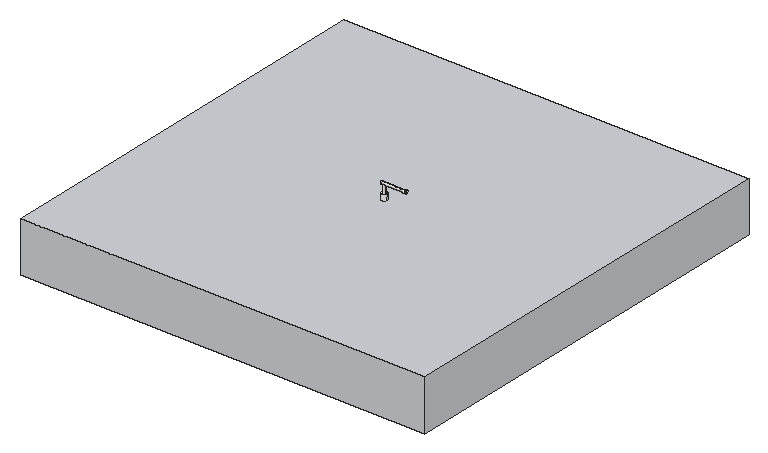
Revit family "Toilet_Paper_Holder-Grohe-ATRIO-40313_Series", category Specialty Equipment, host Face, Revit 2018
Family settings
  Host = Face
  Round Connector Dimension = Use Diameter
  Part Type = Normal
  OmniClass Number = 23.40.20.21.21
  OmniClass Title = Toilet Paper Dispensers
  Cut with Voids When Loaded = No
  Shared = Yes
  Room Calculation Point = No
Parameters (values of type "40313003")
  cUPC Compliant = yes
  Width = 151 mm  # constant formula
  Warranty Documentation Link = "https://cdn.cloud.grohe.com/tpi/1000/1900/1940/1949/1949006/original/1949006.pdf"
  URL = "https://www.grohe.us"
  Type Comments = ""
  Revised Date = "05/03/2021"  # constant formula
  Product Page URL = "https://www.grohe.us/Toilet-Paper-Holders/ATRIO-Toilet-Paper-Holder/GROHE-CHROME-40313003"
  Product Documentation Link = "https://americanstandard.box.com/shared/static/x5dznzg5n1w5the300t2h2oieu98gpl7.pdf"
  Price = "Prices may vary. Please consult Manufacturer Representative for most up-to-date price list."  # constant formula
  Model = "40313003"
  Material = "Metal-Grohe-003-Chrome"
  Manufacturer = "Grohe"  # constant formula
  Length = 90 mm  # constant formula
  Installation Type = "Wall Mounted"  # constant formula
  Height = 35 mm  # constant formula
  Finish = Metal-Grohe-003- Starlight Chrome
  Description = "Atrio Toilet Paper Holder"  # constant formula
  Default Elevation = 406.4 mm  # constant formula
  Creation Date = "11/02/2018"  # constant formula
  Assembly Code = "C1030200"
Types (2, lengths in mm): name | Product Page URL | Model | Material | Finish
  40313003 | "https://www.grohe.us/Toilet-Paper-Holders/ATRIO-Toilet-Paper-Holder/GROHE-CHROME-40313003" | "40313003" | "Metal-Grohe-003-Chrome" | Metal-Grohe-003- Starlight Chrome
  40313EN3 | "https://www.grohe.us/Toilet-Paper-Holders/ATRIO-Toilet-Paper-Holder/GROHE-BRUSHED-NICKEL-40313EN3" | "40313EN3" | "Metal-Grohe-EN3-Brushed Nickel" | Metal-Grohe-EN3-Brushed Nickel Infinity Finish
Reference planes
  plane 1 "Center (Front/Back)": y = 0
  plane 2: z = 0
  plane 3 "Center (Left/Right)": x = 0
  plane 4: x = -17.462
  plane 5: x = 17.463
  plane 6: x = -6.35
  plane 7: x = 6.35
  plane 8: z = 90
  plane 9: z = 28.575
  plane 10: x = 133.538
  plane 11: y = 17.5
  plane 12: y = -17.5
Forms (mm)
  Extrusion 1, solid
    sketch origin (0, 0, 0) x (1, 0, 0) y (0, 1, 0)
      loop
        line (-1219.2, 1219.2) -> (-1219.2, -1219.2) -> (1219.2, -1219.2) -> (1219.2, 1219.2) -> (-1219.2, 1219.2)
    from 0 to -304.8
  Extrusion 2, solid, material "Metal-Grohe-003- Starlight Chrome" <- "Finish"
    sketch origin (0, 0, 0) x (1, 0, 0) y (0, 1, 0)
      loop
        circle (0, 0) r 17.463
    from 0 to 28.575
  Extrusion 3, solid, material "Metal-Grohe-003- Starlight Chrome" <- "Finish"
    sketch origin (0, 0, 0) x (1, 0, 0) y (0, 1, 0)
      loop
        circle (0, 0) r 6.35
    from 0 to 81.818
  Revolve 4, solid, material "Metal-Grohe-003- Starlight Chrome" <- "Finish"
    sketch origin (0, 0, -2.075) x (-1, 0, 0) y (0, 0, 1)
      loop
        line (-133.538, 84.336) -> (17.462, 84.336) -> (17.463, 92.075) -> (14.288, 92.075) -> (14.288, 90.94) -> (-130.363, 90.94) -> (-130.363, 92.075) -> (-133.538, 92.075) -> (-133.538, 84.336)
      axis (-133.538, 84.336) -> (17.463, 84.336)
    angle from 0 to 360
Cuts and joins
  joined: Extrusion 2, Extrusion 3
Lines and regions (mm)
  Masking region 1
    outline origin (0, 0, 0) x (-1, 0, 0) y (0, 0, 1)
      loop
        line (17.462, 0) -> (17.463, 28.575) -> (6.35, 28.575) -> (6.35, 75.657) -> (14.288, 75.657) -> (14.288, 74.522) -> (17.463, 74.522) -> (17.463, 90) -> (14.288, 90) -> (14.287, 88.867) -> (-130.363, 88.867) -> (-130.363, 90) -> (-133.538, 90) -> (-133.538, 74.522) -> (-130.363, 74.522) -> (-130.363, 75.657) -> (-6.35, 75.657) -> (-6.35, 28.575) -> (-17.463, 28.575) -> (-17.463, 0) -> (17.462, 0)
  symbolic lines, detail levels fine
    curve 1: line (-6.35, 0, 75.657) -> (6.35, 0, 75.657)
  symbolic lines, detail levels medium+fine
    curve 2: line (6.35, 0, 28.575) -> (-6.35, 0, 28.575)
    curve 3: line (-14.288, 0, 88.867) -> (-14.288, 0, 75.657)
    curve 4: line (130.363, 0, 88.865) -> (130.363, 0, 75.657)
Dimensions and locks
  Revolve 4 sketch curve to Revolve 4 sketch curve = 6.604 mm
  "Length": Extrusion 1 to plane 8
  "Width": plane 4 to plane 10
  "Height": plane 12 to plane 11
  aligned and locked: plane 2 to Extrusion 1
  aligned and locked: level to Extrusion 1
  aligned and locked: plane 9 to Extrusion 2
  aligned and locked: Masking region 1 to plane 10
  aligned and locked: Revolve 4 sketch curve to plane 10
  aligned and locked: Masking region 1 to plane 4  (x2)
  aligned and locked: Masking region 1 to plane 5
Automatic sketch dimensions
  curve 2 to plane 6 = 0 mm
  curve 1 to plane 6 = 0 mm
  curve 2 to plane 7 = 0 mm
  curve 1 to plane 7 = 0 mm
  curve 2 to plane 9 = 0 mm
  plane 8 to curve 3 = 1.133 mm
  plane 4 to curve 3 = 3.175 mm
  plane 10 to curve 4 = 3.175 mm
  plane 8 to curve 1 = 14.343 mm
  plane 8 to curve 4 = 14.343 mm
  curve 3 to curve 1 = 0 mm
  plane 8 to curve 4 = 1.135 mm
  Extrusion 1 sketch curve to Extrusion 1 sketch curve = 2438.4 mm  (x2)
  plane 1 "Center (Front/Back)" to Extrusion 2 sketch curve = 0 mm
  Extrusion 2 sketch curve to plane 3 "Center (Left/Right)" = 0 mm
  plane 1 "Center (Front/Back)" to Extrusion 3 sketch curve = 0 mm
  Extrusion 3 sketch curve to plane 3 "Center (Left/Right)" = 0 mm
  plane 10 to Masking region 1 sketch curve = 0 mm
  Masking region 1 sketch curve to plane 8 = 0 mm  (x2)
  plane 5 to Masking region 1 sketch curve = 0 mm
  Masking region 1 sketch curve to plane 7 = 0 mm
  Masking region 1 sketch curve to plane 6 = 0 mm
  Masking region 1 sketch curve to plane 4 = 0 mm  (x2)
  Masking region 1 sketch curve to level = 0 mm
  Masking region 1 sketch curve to plane 9 = 0 mm  (x2)
  Masking region 1 sketch curve to Masking region 1 sketch curve = 3.175 mm  (x2)
  plane 8 to Masking region 1 sketch curve = 1.133 mm
  plane 4 to Masking region 1 sketch curve = 3.175 mm  (x2)
  Masking region 1 sketch curve to Masking region 1 sketch curve = 14.345 mm  (x2)
  Masking region 1 sketch curve to Masking region 1 sketch curve = 1.135 mm  (x2)
  Revolve 4 sketch curve to plane 8 = 0 mm  (x2)
  Revolve 4 sketch curve to plane 4 = 0 mm
  Revolve 4 sketch curve to Revolve 4 sketch curve = 3.175 mm
  Revolve 4 sketch curve to plane 8 = 1.135 mm
  Revolve 4 sketch curve to plane 4 = 3.175 mm
  Revolve 4 sketch curve to Revolve 4 sketch curve = 2.343 mm
  Revolve 4 sketch curve to Revolve 4 sketch curve = 1.954 mm
  Revolve 4 sketch curve to Revolve 4 sketch curve = 0 mm
  radius of Extrusion 2 sketch curve = 17.463 mm
  radius of Extrusion 3 sketch curve = 6.35 mm
